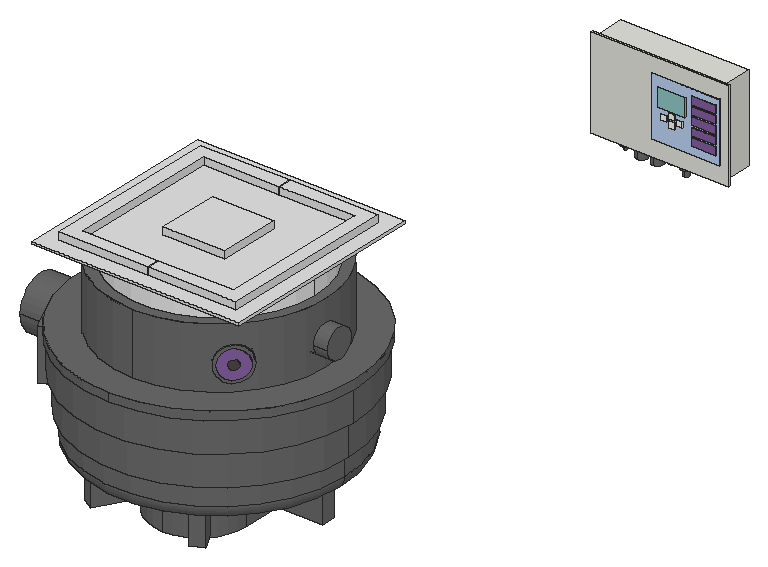
Revit family "28704x_4_70", category Generic Models, Revit 2021
Family settings
  Can host rebar = No
  Round Connector Dimension = Use Diameter
  Part Type = Normal
  Work Plane-Based = No
  Always vertical = Yes
  Cut with Voids When Loaded = No
  Shared = Yes
  Room Calculation Point = No
Parameters (values of type "28704X")
  SUPPLIER = "KESSEL"
  SA700ID48 = "No"
  SA700ID46 = "Yes"
  SA700ID37 = 10000 mm
  SA700ID34 = 11.5
  SA700ID33 = 1.2 W
  SA700ID32 = 42.50 kg
  SA700ID31 = 1
  SA700ID30 = 2
  SA700ID29 = "RWDR"
  SA700ID28 = "durchgehend"
  SA700ID21 = 1000
  SA700ID07 = "100"
  SA460ID03 = "direct"
  SA400ID03 = "e-motor for alternating current"
  SA350ID03 = "normal-priming"
  SA300ID03 = "single-level"
  SA260ID03 = "dry-rotor pump"
  SA250ID03 = "vertical"
  SA200ID03 = "6"
  PROCUREWEBLINK = "https://p.caden.as/kessel/28704X"
  PROCURELINK = "p.caden.as/kessel/28704X"
  PROCUREDATALASTUPDATE = "2024-05-22T12:17:59.200376148+01:00"
  PRC_SPECIFICATIONLINK = "https://ausschreiben.de/catalog/kessel/catalogItem/372ada55-5471-4612-b3ba-1979e0a7e4dd"
  NN = "Lifting station Aqualift F Compact"
  NBSYN = "$SA810ID03._$IDNR._$L."
  NB = "28704X_4_70"
  Model = "28704X"
  Manufacturer = "KESSEL"
  MIdent = "{$CADENAS_DATA/23d-libs/kessel/new/hebeanlagen/aqualift_f_compact/aqualift_f__compact_asmtab.prj},201 {VTYP=3D},{STYP=ASSTAB},{NB=28704X_4_70},{LINA=28704X},{NN=Lifting station Aqualift F Compact},{DATE=21.12.2022 12:37:25},{GEOMDATE=21.11.2022 10:35:20},{VERSION=},{LINEID=50},{WBVAR=L},{WBNUMERIC=L}  {NB=28704X_4_70},{LINA=28704X},{KT=DUMMY},{PREVIEW=../../bilder/ksb_w_28704x.png},{SA700ID04=Hebeanlage Aqualift F Compact, Duo, SPZ 1000, Bodenpl., befliesbar},{SA810ID06=4026092093399},{LMIN=70.000},{LMAX=180.000},{L=70.000},{SA700ID34=11.50},{SA810ID03=28704X},{SA810ID10=Die Hebeanlage für fäkalienhaltiges und fäkalienfreies Abwasser ist mit einer überflutbaren Pumpe sowie einem Rückflussverhinderer ausgestattet. Der Sammelbehälter aus dauerhaft beständigem Kunststoff (PE) besitzt einen abgeschlossenen Pumpenraum. Einhandverschlüsse ermöglichen die einfache Entnahme der integrierten Komponenten.Die Steuerung erfolgt durch ein anwenderfreundliches Schaltgerät, das optional über einen potentialfreien Kontakt in die Gebäudeleittechnik eingebunden werden oder Alarm- und Sammelstörmeldungen über eine GSM-Schnittstelle ausgeben kann.Ausführung:Abdichtungsart: VerbundabdichtungAbsperreinrichtung: ohne SchieberAnlagenart: DoppelanlagePumpensteuerung: SchaltgerätRückflussverhinderer: integriertAuslieferungszustand: vormontiert zur bauseitigen Endmontage (Pumpen und Sensorik sind bauseits zu montieren sowie Schaltgerät ist anzuschließen)Einbausituation: Einbau in die BodenplatteAbwasserart: fäkalienhaltigAllgemeine Merkmale:Farbe: schwarzZulassung: Z-53.2-484Abmessungen:Länge: 670 mmBreite: 590 mmAussparungsmaß Länge: 800 mmAussparungsmaß Breite: 800 mmBehälter/Grundkörper:Zulauf Anzahl: 1 STZulauf Nennweite (DN): 100 mmZulauf Nennweite (DA): 110 mmAbstand Rohrsohle Zulauf zu Behälterboden: 152 mmAbstand Rohrmitte Auslauf zu Behälterboden: 351 mmAbstand Rohrmitte Zulauf zu Behälterboden: 207 mmAnschluss Kabelleerrohr (DN): 50 mmBehältervolumen: 40 lDruckabgang: waagerechtDruckabgang (DA): 40 mmDruckabgang (DN): 32 mmEinbautiefe: 490 - 600 mmEntlüftungsanschluss (DN): 70 mmNutzvolumen: 20 lArt der Höhenverstellbarkeit: teleskopisches AufsatzstückAbdeckungsmerkmale:Abdeckungsart: befliesbare AbdeckplatteAbdeckung Material: KunststoffAblauffunktion: jaBodenbelaghöhe max.: 16 mmLänge: 366 mmBreite: 366 mmVerriegelung: Lock & LiftFördereinrichtung:Pumpe: SPZ 1000Anzahl Pumpen: 2Förderhöhe max.: 10 mFörderleistung max.: 11,5 m3/hBetriebsart: S3 - 50 %Leistung P1: 1,2 kWLeistung P2: 0,69 kWDrehzahl: 2.800 U/minFörderguttemperatur (dauerhaft) max.: 40 °CAnschlusstyp: codierter SteckerGewicht: 10 kgLaufrad Typ: SchneidwerkLänge Netzanschlussleitung Pumpe: 5 mNennstrom: 5,2 ASchutzart Pumpe: IP 68 (3m/48h)Schutzklasse: ITyp Anschlussleitung Pumpe: H07RN-F 3G 1,0 mm2Temperaturüberwachung: integriertSteuerung:Schaltgerät: ComfortBetriebsspannung: 230 VNetzfrequenz: 50 HzSelbstdiagnosesystem (SDS): jaBatteriepufferung: jaMehrzeilige Displayanzeige: jaLogbuchfunktion: jaUSB-Schnittstelle: jaGSM-Schnittstelle: jaPotentialfreier Kontakt: optionalErforderliche Absicherung (Leitungsschutz): C 16 ASchutzart Schaltgerät: IP 54Länge Netzanschlussleitung Schaltgerät: 1,4 mArt Niveauerfassung: pneumatischInstrument Niveauerfassung: TauchrohrAlarmgeber: optische Sonde},{SA700ID37=10.00},{SA700ID33=1.20},{SA700ID08=230},{SA700ID30=2},{SA700ID32=42.50},{SA700ID49=1},{SA200ID03=6},{SA250ID03=vertikal},{SA260ID03=Trockenläuferpumpe},{SA350ID03=normalansaugend},{SA400ID03=E-Motor für Wechselstrom},{SA460ID03=direkt},{SA500ID03=Kunststoff},{SA700ID06=DN32, DA40},{SA700ID07=100},{SA700ID09=1/N/PE 230V },{SA700ID10=nein},{SA700ID11=50},{SA700ID12=IP 68},{SA700ID13=F},{SA700ID15=40},{SA700ID21=1000.00},{SA700ID22=0.69},{SA700ID23=2800},{SA700ID26=5},{SA700ID28=durchgehend},{SA700ID29=RWDR},{SA700ID31=1},{SA700ID46=Ja},{SA700ID48=Nein},{SA010ID04=KESSEL AG},{SA110ID04=Hebeanlage Aqualift F Compact},{SA300ID03=einstufig},{SA700ID44=10.00},{SA700ID45=10.00},{IDNR=4},{TOC=Type_3},{ORDERNO=ORDERNO},{CODE=1.000},{PPATH=aqualift_f_compact_asmtpl.prj},{LINK=https://www.kessel.de/info?han=28704X },{LINK_=https://www.kessel.de/info?han=28704X },{LINK_DEU=https://www.kessel.de/info?han=28704X },{SA960ID03=10},{SA960ID04=3L},{SA960ID08=https://www.kessel.de/info?han=28704X },{SA010ID01=010},{SA010ID02=4},{SA010ID06=www.kessel.de},{SA010ID08=4026092000007},{SA100ID01=100},{SA100ID02=4},{SA100ID04=Entwässerung},{SA100ID06=Hebeanlagen},{SA110ID01=110},{SA110ID02=230},{SA110ID05=Aqualift F Compact},{SA110ID06=Hebeanlage},{SA740ID01=740},{SA740ID02=1},{SA200ID01=200},{SA200ID02=6},{SA250ID01=250},{SA250ID02=2},{SA260ID01=260},{SA260ID02=2},{SA300ID01=300},{SA300ID02=1},{SA350ID01=350},{SA350ID02=1},{SA400ID01=400},{SA400ID02=1},{SA460ID01=460},{SA460ID02=1},{SA500ID01=500},{SA500ID02=3},{SA700ID01=700},{SA700ID02=10},{SA700ID16=0},{SA700ID25=0},{SA700ID46_=1},{SA700ID48_=0},{SA800ID01=800},{SA800ID02=1},{SA810ID01=810},{SA810ID02=10},{SA810ID04=28704X},{SA810ID07=10},{SA810ID14=PCE },{SA810ID15=1},{SA810ID16=NMP}"
  LMIN = 70
  LMAX = 180
  LINK = "https://www.kessel.de/info?han=28704X"
  LINA = "28704X"
  L = 70
  Default Elevation = 0 mm
  CREATOR = "CADENAS GmbH"
  CATALOG = "KESSEL"
  BOMINFO = "LINA"
  ARTICLENO = "NB"
  4.810.00.7 Media- connection number = "10"
  4.810.00.6 GTIN number = "4026092093399"
  4.810.00.4 DATANORM number = "28704X"
  4.810.00.3 Producer order number = "28704X"
  4.710.03.5 Width = 590 mm
  4.710.03.4 Length = 670 mm
  4.710.03.3 Type of dimensions = "2"
  4.710.01.5 Load regulation = "1"
  4.710.01.4 Designation of closed-loop control = "20"
  4.710.01.3 Identifier for closed-loop control = "40"
  4.700.00.9 Voltage = 2475.6994
  4.700.00.8 Nominal connection size on suction side = "DN32, DA40"
  4.700.00.7 Nominal connection size on pressure side = "DN32, DA40"
  4.700.00.4 Product indentification = "Hebeanlage Aqualift F Compact, Duo, SPZ 1000, Bodenpl., befliesbar"
  4.700.00.27 Starting current = 5
  4.700.00.26 Maximum power consumption per pump / drive = 0
  4.700.00.24 Nominal speed / maximum speed n = 46.6667
  4.700.00.23 Nominal speed of motor = 7.4271
  4.700.00.17 Minimum temperature of pumped medium = 0 °C
  4.700.00.16 Maximum temperature of pumped medium = 40 °C
  4.700.00.14 Heat class = "F"
  4.700.00.13 Type of protection = "IP 68"
  4.700.00.12 Frequency = 50
  4.700.00.11 Stern-/Dreieck-Anlaufschaltung bei Dreiphasenanschluss oder Drehstrom = "nein"
  4.700.00.10 Phase = "1/N/PE 230V "
  4.500.00.3 Variant / Variant type / Accessories-name = "Kunststoff"
  4.110.00.6 Product classification = "Hebeanlage"
  4.110.00.5 Main groups of wares = "Aqualift F Compact"
  4.110.00.4 Product indentification = "Hebeanlage Aqualift F Compact"
  4.100.00.6 Product classification = "Hebeanlagen"
  4.100.00.4 Product indentification = "Entwässerung"
  4.010.00.8 Producer ID number = "4026092000007"
  4.010.00.6 Web address of the manufacturer = "www.kessel.de"
  4.010.00.4 Manufacturer name = "KESSEL AG"
  4.010.00.2 Sheet number of the guideline = "4"
Reference planes
  plane 1 "Center (Front/Back)": y = 0
  plane 2: z = 0
  plane 3 "Center (Left/Right)": x = 0
Forms (mm)
  Extrusion 1, void
    sketch origin (257.7, 0, 351) x (0, 0, -1) y (0, -1, 0)
      loop
        line (-0.5, -0.5) -> (0.5, -0.5) -> (0.5, 0.5) -> (-0.5, 0.5) -> (-0.5, -0.5)
    from 0 to 1
  Extrusion 2, void
    sketch origin (0, 0, 0) x (1, 0, 0) y (0, 1, 0)
      loop
        line (-0.5, -0.5) -> (0.5, -0.5) -> (0.5, 0.5) -> (-0.5, 0.5) -> (-0.5, -0.5)
    from 0 to 1
  Extrusion 3, void
    sketch origin (-281.018, 118.476, 222.5) x (-0.422618, -0.906308, 0) y (0, 0, -1)
      loop
        line (-0.5, -0.5) -> (0.5, -0.5) -> (0.5, 0.5) -> (-0.5, 0.5) -> (-0.5, -0.5)
    from 0 to 1
Dimensions and locks
  locked: plane 2 to Extrusion 1 at 350.5
  locked: plane 2 to Extrusion 1 at 351.5
  locked: plane 2 to Extrusion 2 at 1
  locked: plane 2 to Extrusion 2
  locked: plane 2 to Extrusion 3 at 222
  locked: plane 2 to Extrusion 3 at 223
  aligned and locked: level to plane 2
Nested families
  nested 1: "28704x_4_70_content" at (0, 0, 0), type "28704X_4_70_Content"
  nested 2: "28704x_4_70__body_X0Y0" at (0, 0, 0), type "28704X_X0Y0"
  nested 3: "type_3_3_X0Y0" at (1000, 0, 1000), type "Type_3_3_X0Y0"
Connectors
  piping at (-380, 0, 207), diameter 100
    settings: on nested 2, index 1, connector inside diameter 609.6 mm, connector length 0 mm, flow factor 0, pipe flow 0.0 L/s, pressure drop 0.0 Pa, fitting loss kfactor 0, connector angle 0.00°, fixture units 0, engagement length 0 mm, angle of deflection 0.00°, flow configuration 0, flow direction 1, fitting loss method 2, system type 29, joint type 0, gender type 0, connector reference index -1, connector utility 0, adjustable connector no, is connector primary yes, connector description ""
  piping at (257.7, 0, 351), diameter 32
    settings: on Extrusion 1, index 2, connector inside diameter 609.6 mm, connector length 0 mm, flow factor 0, pipe flow 0.0 L/s, pressure drop 0.0 Pa, fitting loss kfactor 0, connector angle 0.00°, fixture units 0, engagement length 0 mm, angle of deflection 0.00°, flow configuration 0, flow direction 2, fitting loss method 2, system type 29, joint type 0, gender type 0, connector reference index -1, connector utility 0, adjustable connector no, is connector primary no, connector description ""
  electrical at (0, 0, 0)
    settings: on Extrusion 2, index 3, voltage 0 V, apparent load 0 VA, apparent load phase1 0 VA, apparent load phase2 0 VA, apparent load phase3 0 VA, power factor 1, load classification "Other", number of poles 1, system type 31, power factor state 1, is connector primary yes, connector utility no, sub classification motor no, connector description ""
  electrical at (167.231, -167.231, 351)
    settings: on nested 2, index 4, voltage 0 V, apparent load 0 VA, apparent load phase1 0 VA, apparent load phase2 0 VA, apparent load phase3 0 VA, power factor 1, load classification "Other", number of poles 1, system type 31, power factor state 1, is connector primary no, connector utility no, sub classification motor no, connector description ""
  electrical at (-281.018, 118.476, 222.5)
    settings: on Extrusion 3, index 5, voltage 0 V, apparent load 0 VA, apparent load phase1 0 VA, apparent load phase2 0 VA, apparent load phase3 0 VA, power factor 1, load classification "Other", number of poles 1, system type 31, power factor state 1, is connector primary no, connector utility no, sub classification motor no, connector description ""
  electrical at (896, -27.5, 960.5)
    settings: on nested 3, index 6, voltage 230 V, apparent load 0 VA, apparent load phase1 0 VA, apparent load phase2 0 VA, apparent load phase3 0 VA, power factor 1, load classification "Other", number of poles 3, system type 31, power factor state 1, is connector primary no, connector utility no, sub classification motor no, connector description ""
Definition of nested family "28704x_4_70__body_X0Y0"
  Parameters (values of type "28704X_X0Y0")
    TOC = "Type_3"
    SUPPLIER = "KESSEL"
    SA810ID03 = "28704X"
    NN = "aqualift_f_compact_body__body"
    NBSYN = "$SA810ID03._$IDNR._$L.__body"
    NB = "28704X_4_70__body"
    Model = "28704X"
    Manufacturer = "KESSEL"
    MIdent = "{$CADENAS_DATA/23d-libs/kessel/new/hebeanlagen/aqualift_f_compact/aqualift_f_compact_body.prj},188 {VTYP=3D},{NB=28704X_4_70__body},{LINA=28704X},{NN=aqualift_f_compact_body__body},{DATE=10.11.2022 10:34:08},{GEOMDATE=10.11.2022 10:34:08},{VERSION=},{LINEID=50},{WBVAR=L},{WBNUMERIC=L}  {NB=28704X_4_70__body},{LINA=28704X},{KT=DUMMY},{LMIN=70},{LMAX=180},{L=70},{SA810ID03=28704X},{IDNR=4},{TOC=Type_3},{DNIN=100},{DNOUT=32},{ISD=60},{ISD2=20}"
    LMIN = 70
    LMAX = 180
    LINA = "28704X"
    L = 70
    ISD2 = 20
    ISD = 60
    IDNR = 4
    Default Elevation = 1219.2 mm
    DNOUT = 32
    DNIN = 100
    CREATOR = "CADENAS GmbH"
    CATALOG = "KESSEL"
    BOMINFO = "LINA"
    ARTICLENO = "NB"
  Reference planes
    plane 1 "Center (Front/Back)": y = 0
    plane 2: z = 0
    plane 3 "Center (Left/Right)": x = 0
  Dimensions and locks
    aligned and locked: level to plane 2
  Nested families
    nested 1: "28704x_4_70__body_content" at (0, 0, 0), type "28704X_4_70__body_Content"
  Definition of nested family "28704x_4_70__body_content"
    Parameters (values of type "28704X_4_70__body_Content")
      TOC = "Type_3"
      SUPPLIER = "KESSEL"
      SA810ID03 = "28704X"
      NN = "aqualift_f_compact_body__body"
      NBSYN = "$SA810ID03._$IDNR._$L.__body"
      NB = "28704X_4_70__body"
      Model = "28704X"
      Manufacturer = "KESSEL"
      LMIN = 70
      LMAX = 180
      LINA = "28704X"
      L = 70
      ISD2 = 20
      ISD = 60
      IDNR = 4
      Default Elevation = 1219.2 mm
      DNOUT = 32
      DNIN = 100
      CREATOR = "CADENAS GmbH"
      CATALOG = "KESSEL"
      BOMINFO = "LINA"
      ARTICLENO = "NB"
    Reference planes
      plane 1 "Center (Front/Back)": y = 0
      plane 2: z = 0
      plane 3 "Center (Left/Right)": x = 0
    Forms (mm)
      Extrusion 1, solid, detail levels medium+fine
        sketch origin (-272.811, -55.821, 168) x (0.424537, -0.905411, 0) y (0, 0, 1)
          loop
            line (0, 109) -> (0, 0) -> (107, 0) -> (107, 109) -> (0, 109)
        from 0 to 30
      Extrusion 2, solid, detail levels medium+fine
        sketch origin (-270, 68, 168) x (0, -1, 0) y (0, 0, 1)
          loop
            line (0, 109) -> (0, 0) -> (137, 0) -> (137, 109) -> (0, 109)
        from 0 to 30
      Extrusion 3, solid, detail levels medium+fine
        sketch origin (-250, 0, 203.7) x (0, -1, 0) y (0, 0, 1)
          loop
            circle (0, 0) r 70
        from 0 to 50
      Extrusion 4, solid, detail levels medium+fine
        sketch origin (-300, 0, 207) x (0, -1, 0) y (0, 0, 1)
          loop
            circle (0, 0) r 56.25
        from 0 to 80
      Extrusion 5, solid, detail levels medium+fine
        sketch origin (-227.6, 152.8, 168) x (-0.422885, -0.906183, 0) y (0, 0, 1)
          loop
            line (0, 109) -> (0, 0) -> (107, 0) -> (107, 109) -> (0, 109)
        from 0 to 30
      Extrusion 6, solid, detail levels medium+fine
        sketch origin (-277.392, 116.785, 222.5) x (-0.422618, -0.906308, 0) y (0, 0, 1)
          loop
            circle (0, 0) r 52
        from 0 to 4
      Revolve 7, solid, detail levels medium+fine
        sketch origin (0, 0, 0) x (1, 0, 0) y (0, 0, -1)
          loop
            line (0, -66) -> (0, -10) -> (-70.13, -10) -> (-249.445, -69.479)
            arc (-249.445, -69.479) -> (-264.324, -80.394) -> (-270, -97.953) r 30
            line (-270, -97.953) -> (-270, -137.002) -> (-280, -139.678) -> (-280, -207.002) -> (-290, -209.678) -> (-290, -277) -> (-200, -277) -> (-200, -66) -> (0, -66)
          axis (0, -10) -> (0, -277)
        angle from -360 to 0
      Extrusion 8, void, detail levels medium+fine
        sketch origin (-177.698, 70.298, 222.5) x (-0.422618, -0.906308, 0) y (0, 0, 1)
          loop
            circle (0, 0) r 37
        from 0 to 115
      Extrusion 9, solid, detail levels medium+fine
        sketch origin (0, 0, 277) x (0, 1, 0) y (-1, 0, 0)
          loop
            circle (0, 0) r 295
        from 0 to 18
      Extrusion 10, solid, detail levels medium+fine
        sketch origin (0, 0, 295) x (0, 1, 0) y (-1, 0, 0)
          loop
            circle (0, 0) r 230
        from 0 to 131
      Extrusion 11, solid, detail levels medium+fine
        sketch origin (0, 0, 400) x (1, 0, 0) y (0, 1, 0)
          loop
            circle (0, 0) r 207
        from 0 to 70
      Extrusion 12, solid, detail levels medium+fine
        sketch origin (0, 0, 470) x (1, 0, 0) y (0, 1, 0)
          loop
            line (-222, -222) -> (222, -222) -> (222, 222) -> (-222, 222) -> (-222, -222)
        from 0 to 5
      Extrusion 13, solid, detail levels medium+fine
        sketch origin (0, 0, 475) x (1, 0, 0) y (0, 1, 0)
          loop
            line (-190, -190) -> (0, -190) -> (0, -162) -> (-162, -162) -> (-162, 162) -> (0, 162) -> (0, 190) -> (-190, 190) -> (-190, -190)
        from 0 to 15
      Extrusion 14, solid, detail levels medium+fine
        sketch origin (0, 0, 475) x (1, 0, 0) y (0, 1, 0)
          loop
            line (0, -162) -> (0, -190) -> (190, -190) -> (190, 190) -> (0, 190) -> (0, 162) -> (162, 162) -> (162, -162) -> (0, -162)
        from 0 to 15
      Extrusion 15, solid, detail levels medium+fine
        sketch origin (0, 0, 475) x (1, 0, 0) y (0, 1, 0)
          loop
            line (-66.1, -66.1) -> (66.1, -66.1) -> (66.1, 66.1) -> (-66.1, 66.1) -> (-66.1, -66.1)
        from 0 to 14.95
      Extrusion 16, solid, detail levels medium+fine
        sketch origin (0, 0, 351) x (0.707107, 0.707107, 0) y (0, 0, 1)
          loop
            circle (0, 0) r 36.5
        from 0 to 235
      Extrusion 17, solid, detail levels medium+fine
        sketch origin (166.17, -166.17, 351) x (0.707107, 0.707107, 0) y (0, 0, 1)
          loop
            circle (0, 0) r 30
        from 0 to 1.5
      Extrusion 18, solid, detail levels medium+fine
        sketch origin (166.17, -166.17, 351) x (0.707107, 0.707107, 0) y (0, 0, 1)
          loop
            circle (0, 0) r 10
        from 0 to 1.55
      Extrusion 19, solid, detail levels medium+fine
        sketch origin (0, 0, 351) x (0, 1, 0) y (0, 0, 1)
          loop
            circle (0, 0) r 31
        from 0 to 259.1
      Extrusion 20, solid, detail levels medium+fine
        sketch origin (-235.25, -15, 0) x (0, 1, 0) y (0, 0, 1)
          loop
            line (0, 66.7) -> (0, 0) -> (30, 0) -> (30, 66.7) -> (0, 66.7)
        from 0 to 470.5
      Extrusion 21, solid, detail levels medium+fine
        sketch origin (130.615, -196.232, 0) x (-0.866025, -0.5, 0) y (0, 0, 1)
          loop
            line (0, 66.7) -> (0, 0) -> (30, 0) -> (30, 66.7) -> (0, 66.7)
        from 0 to 470.5
      Extrusion 22, solid, detail levels medium+fine
        sketch origin (-104.635, -211.232, 0) x (-0.866025, 0.5, 0) y (0, 0, 1)
          loop
            line (0, 66.7) -> (0, 0) -> (30, 0) -> (30, 66.7) -> (0, 66.7)
        from 0 to 470.5
      Extrusion 23, solid, detail levels medium+fine
        sketch origin (139, 100, 0) x (0, -1, 0) y (0, 0, 1)
          loop
            line (0, 66.7) -> (0, 0) -> (200, 0) -> (200, 66.7) -> (0, 66.7)
        from 0 to 198
      Extrusion 24, solid, detail levels medium+fine
        sketch origin (40, 100, 0) x (0, 1, 0) y (-1, 0, 0)
          loop
            circle (0, 0) r 99
        from 0 to 66.7
      Extrusion 25, solid, detail levels medium+fine
        sketch origin (40, -100, 0) x (0, 1, 0) y (-1, 0, 0)
          loop
            circle (0, 0) r 99
        from 0 to 66.7
      Extrusion 26, solid, detail levels coarse
        sketch origin (-42.5, 0, 0) x (1, 0, 0) y (0, 1, 0)
          loop
            line (-337.5, -295) -> (337.5, -295) -> (337.5, 295) -> (-337.5, 295) -> (-337.5, -295)
        from 0 to 490
    Cuts and joins
      Extrusion 8 cuts Extrusion 1
      Extrusion 8 cuts Extrusion 2
      Extrusion 8 cuts Extrusion 3
      Extrusion 8 cuts Extrusion 4
      Extrusion 8 cuts Extrusion 5
      Extrusion 8 cuts Extrusion 6
      Extrusion 8 cuts Revolve 7
    Dimensions and locks
      aligned and locked: level to plane 2
Definition of nested family "type_3_3_X0Y0"
  Parameters (values of type "Type_3_3_X0Y0")
    TOC = "Type_3"
    SUPPLIER = "KESSEL"
    NN = "Controller"
    NBSYN = "$TOC._$IDNR."
    NB = "Type_3_3"
    Model = "Type_3_3"
    Manufacturer = "KESSEL"
    MIdent = "{$CADENAS_DATA/23d-libs/kessel/new/controllers/controllers.prj},160 {VTYP=3D},{NB=Type_3_3},{LINA=Type_3_3},{NN=Controller},{DATE=09.11.2022 09:38:12},{GEOMDATE=30.10.2022 06:14:50},{VERSION=},{LINEID=40},{WBVAR=},{WBNUMERIC=}  {NB=Type_3_3},{LINA=Type_3_3},{KT=DUMMY},{PREVIEW=},{TOC=Type_3},{IDNR=3},{SA810ID03=MIN}"
    LINA = "Type_3_3"
    Default Elevation = 1219.2 mm
    CREATOR = "CADENAS GmbH"
    CATALOG = "KESSEL"
    BOMINFO = "LINA"
    ARTICLENO = "NB"
  Reference planes
    plane 1 "Center (Front/Back)": y = 0
    plane 2: z = 0
    plane 3 "Center (Left/Right)": x = 0
  Dimensions and locks
    aligned and locked: level to plane 2
  Nested families
    nested 1: "type_3_3_content" at (0, 0, 0), type "Type_3_3_Content"
  Definition of nested family "type_3_3_content"
    Parameters (values of type "Type_3_3_Content")
      TOC = "Type_3"
      SUPPLIER = "KESSEL"
      NN = "Controller"
      NBSYN = "$TOC._$IDNR."
      NB = "Type_3_3"
      Model = "Type_3_3"
      Manufacturer = "KESSEL"
      LINA = "Type_3_3"
      Default Elevation = 1219.2 mm
      CREATOR = "CADENAS GmbH"
      CATALOG = "KESSEL"
      BOMINFO = "LINA"
      ARTICLENO = "NB"
    Reference planes
      plane 1 "Center (Front/Back)": y = 0
      plane 2: z = 0
      plane 3 "Center (Left/Right)": x = 0
    Forms (mm)
      Extrusion 1, solid, detail levels medium+fine
        sketch origin (49.8, -68, 72.2) x (0, -1, 0) y (0, 0, 1)
          loop
            line (-0.5, 12) -> (-0.5, 0) -> (1, 0) -> (1, 12) -> (-0.5, 12)
        from 0 to 12
      Extrusion 2, solid, detail levels medium+fine
        sketch origin (129.3, -67, 28.2) x (0, -1, 0) y (0, 0, 1)
          loop
            line (-0.5, 127) -> (-0.5, 0) -> (1, 0) -> (1, 127) -> (-0.5, 127)
        from 0 to 146
      Extrusion 3, solid, detail levels medium+fine
        sketch origin (33.3, -68, 80.45) x (0, -1, 0) y (0, 0, 1)
          loop
            line (-0.5, 12) -> (-0.5, 0) -> (1, 0) -> (1, 12) -> (-0.5, 12)
        from 0 to 12
      Extrusion 4, solid, detail levels medium+fine
        sketch origin (33.3, -68, 63.95) x (0, -1, 0) y (0, 0, 1)
          loop
            line (-1, 12) -> (-1, 0) -> (1, 0) -> (1, 12) -> (-1, 12)
        from 0 to 12
      Extrusion 5, solid, detail levels medium+fine
        sketch origin (56.3, -68, 95.45) x (0, -1, 0) y (0, 0, 1)
          loop
            line (-0.5, 37) -> (-0.5, 0) -> (1, 0) -> (1, 37) -> (-0.5, 37)
        from 0 to 60
      Extrusion 6, solid, detail levels medium+fine
        sketch origin (121.8, -68, 85.7) x (0, -1, 0) y (0, 0, 1)
          loop
            line (0, 16) -> (0, 0) -> (2, 0) -> (2, 16) -> (0, 16)
        from 0 to 51
      Extrusion 7, solid, detail levels medium+fine
        sketch origin (121.8, -68, 65.7) x (0, -1, 0) y (0, 0, 1)
          loop
            line (0, 16) -> (0, 0) -> (2, 0) -> (2, 16) -> (0, 16)
        from 0 to 51
      Extrusion 8, solid, detail levels medium+fine
        sketch origin (121.8, -68, 105.7) x (0, -1, 0) y (0, 0, 1)
          loop
            line (0, 16) -> (0, 0) -> (2, 0) -> (2, 16) -> (0, 16)
        from 0 to 51
      Extrusion 9, solid, detail levels medium+fine
        sketch origin (16.8, -68, 72.2) x (0, -1, 0) y (0, 0, 1)
          loop
            line (-0.5, 12) -> (-0.5, 0) -> (1, 0) -> (1, 12) -> (-0.5, 12)
        from 0 to 12
      Extrusion 10, solid, detail levels medium+fine
        sketch origin (121.8, -68, 45.7) x (0, -1, 0) y (0, 0, 1)
          loop
            line (0, 16) -> (0, 0) -> (2, 0) -> (2, 16) -> (0, 16)
        from 0 to 51
      Extrusion 11, solid, detail levels medium+fine
        sketch origin (147, -63.5, -7) x (0, -1, 0) y (0, 0, 1)
          loop
            line (0, 194) -> (0, 0) -> (3.5, 0) -> (3.5, 194) -> (0, 194)
        from 0 to 294
      Extrusion 12, solid, detail levels medium+fine
        sketch origin (136.25, 0, 0) x (0, -1, 0) y (0, 0, 1)
          loop
            line (0, 184) -> (0, 0) -> (63.5, 0) -> (63.5, 184) -> (0, 184)
        from 0 to 272.5
      Extrusion 13, solid, detail levels medium+fine
        sketch origin (121.75, -68, 125.75) x (0, -1, 0) y (0, 0, 1)
          loop
            line (0, 16) -> (0, 0) -> (2, 0) -> (2, 16) -> (0, 16)
        from 0 to 51
      Extrusion 14, solid, detail levels medium+fine
        sketch origin (26, -27.5, 0) x (1, 0, 0) y (0, -1, 0)
          loop
            circle (0, 0) r 11
        from 0 to 11
      Extrusion 15, solid, detail levels medium+fine
        sketch origin (26, -27.5, -11) x (1, 0, 0) y (0, -1, 0)
          loop
            circle (0, 0) r 11
        from 0 to 19.8
      Extrusion 16, solid, detail levels medium+fine
        sketch origin (26, -27.5, -29.8) x (1, 0, 0) y (0, -1, 0)
          loop
            circle (0, 0) r 6
        from 0 to 14.75
      Extrusion 17, solid, detail levels medium+fine
        sketch origin (-2, -27.5, 0) x (1, 0, 0) y (0, -1, 0)
          loop
            circle (0, 0) r 11
        from 0 to 20
      Extrusion 18, solid, detail levels medium+fine
        sketch origin (-2, -27.5, -20) x (1, 0, 0) y (0, -1, 0)
          loop
            circle (0, 0) r 8.65
        from 0 to 9.8
      Extrusion 19, solid, detail levels medium+fine
        sketch origin (-36, -27.5, 0) x (1, 0, 0) y (0, -1, 0)
          loop
            circle (0, 0) r 12
        from 0 to 15
      Extrusion 20, solid, detail levels medium+fine
        sketch origin (-36, -27.5, -15) x (1, 0, 0) y (0, -1, 0)
          loop
            circle (0, 0) r 11.75
        from 0 to 27.1
      Extrusion 21, void, detail levels medium+fine
        sketch origin (54, -27.5, 2) x (1, 0, 0) y (0, -1, 0)
          loop
            circle (0, 0) r 8.1
        from 0 to 2.8
      Extrusion 22, solid, detail levels medium+fine
        sketch origin (-70, -27.5, 0) x (1, 0, 0) y (0, -1, 0)
          loop
            circle (0, 0) r 12
        from 0 to 15
      Extrusion 23, solid, detail levels medium+fine
        sketch origin (-70, -27.5, -15) x (1, 0, 0) y (0, -1, 0)
          loop
            circle (0, 0) r 11.75
        from 0 to 27.1
      Extrusion 24, void, detail levels medium+fine
        sketch origin (82, -27.5, 2) x (1, 0, 0) y (0, -1, 0)
          loop
            circle (0, 0) r 8.1
        from 0 to 2.8
      Extrusion 25, solid, detail levels medium+fine
        sketch origin (-104, -27.5, 0) x (1, 0, 0) y (0, -1, 0)
          loop
            circle (0, 0) r 10
        from 0 to 9
      Extrusion 26, solid, detail levels medium+fine
        sketch origin (-104, -27.5, -9) x (1, 0, 0) y (0, -1, 0)
          loop
            circle (0, 0) r 11
        from 0 to 20.5
      Extrusion 27, solid, detail levels medium+fine
        sketch origin (-104, -27.5, -29.5) x (1, 0, 0) y (0, -1, 0)
          loop
            circle (0, 0) r 3
        from 0 to 10
      Extrusion 28, void, detail levels medium+fine
        sketch origin (110, -27.5, 1.2) x (1, 0, 0) y (0, -1, 0)
          loop
            circle (0, 0) r 11.4
        from 0 to 2.8
      Extrusion 29, solid, detail levels coarse
        sketch origin (0, -35, -44.55) x (1, 0, 0) y (0, 1, 0)
          loop
            line (-147, -35) -> (147, -35) -> (147, 35) -> (-147, 35) -> (-147, -35)
        from 0 to 231.55
    Cuts and joins
      Extrusion 21, Extrusion 24, Extrusion 28 cuts Extrusion 1
      Extrusion 21, Extrusion 24, Extrusion 28 cuts Extrusion 2
      Extrusion 21, Extrusion 24, Extrusion 28 cuts Extrusion 3
      Extrusion 21, Extrusion 24, Extrusion 28 cuts Extrusion 4
      Extrusion 21, Extrusion 24, Extrusion 28 cuts Extrusion 5
      Extrusion 21, Extrusion 24, Extrusion 28 cuts Extrusion 6
      Extrusion 21, Extrusion 24, Extrusion 28 cuts Extrusion 7
      Extrusion 21, Extrusion 24, Extrusion 28 cuts Extrusion 8
      Extrusion 21, Extrusion 24, Extrusion 28 cuts Extrusion 9
      Extrusion 21, Extrusion 24, Extrusion 28 cuts Extrusion 10
      Extrusion 21, Extrusion 24, Extrusion 28 cuts Extrusion 11
      Extrusion 21, Extrusion 24, Extrusion 28 cuts Extrusion 12
      Extrusion 21, Extrusion 24, Extrusion 28 cuts Extrusion 13
      Extrusion 21, Extrusion 24, Extrusion 28 cuts Extrusion 14
      Extrusion 21, Extrusion 24, Extrusion 28 cuts Extrusion 15
      Extrusion 21, Extrusion 24, Extrusion 28 cuts Extrusion 16
      Extrusion 21, Extrusion 24, Extrusion 28 cuts Extrusion 17
      Extrusion 21, Extrusion 24, Extrusion 28 cuts Extrusion 18
      Extrusion 21, Extrusion 24, Extrusion 28 cuts Extrusion 19
      Extrusion 21, Extrusion 24, Extrusion 28 cuts Extrusion 20
      Extrusion 24, Extrusion 28 cuts Extrusion 22
      Extrusion 24, Extrusion 28 cuts Extrusion 23
      Extrusion 28 cuts Extrusion 25
      Extrusion 28 cuts Extrusion 26
      Extrusion 28 cuts Extrusion 27
    Dimensions and locks
      aligned and locked: level to plane 2
